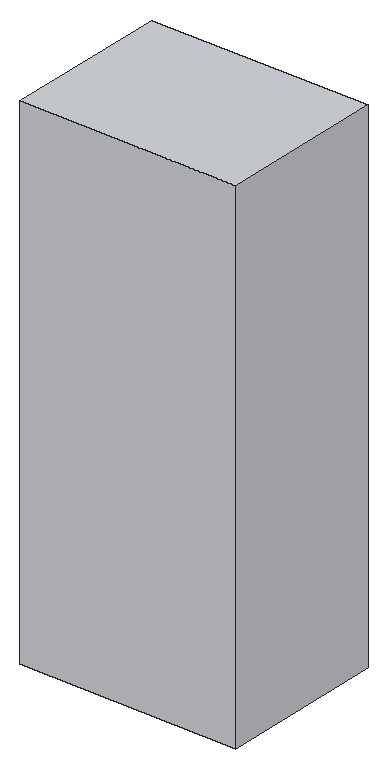
Revit family
Parameters
  Warranty Duration (Years) = 0
  Unit Width [instance] = 1' - 8 177/256"
  Unit Height [instance] = 8' - 0"
  Unit Depth = 0' - 0"
  URL = "http://www.americanspecialties.com/viewCategories.cfm"
  Trim Material = Metal - Stainless Steel w/satin
  Test Data = ""
  Specification = "http://www.arcat.com/sdspecs/htm/10810asi.htm"
  SpecWizard = ""
  Send Message = "http://www.arcat.com/users.pl?action=UserEmail&company=American%20Specialties,%20Inc.&coid=30448&rep=139&fax=914-476-0688&mf="
  Sales Information = "http://www.americanspecialties.com/contact"
  Revision = "R1_10-2010"
  Product Properties = "http://www.americanspecialties.com/datasheets/1204.pdf"
  Product Data = "http://www.arcat.com/arcatcos/cos30/arc30448.html"
  Model = "As Specified in 10 28 13"
  Manufacturer Website = "http://www.americanspecialties.com/viewCategories.cfm"
  Manufacturer Phone - Toll Free = ""
  Manufacturer Phone = "914-476-9000 "
  Manufacturer Fax = "914-476-0688"
  Manufacturer Address = "441 Saw Mill River Rd., Yonkers, NY 10701"
  Manufacturer = "American Specialties, Inc."
  Maintenance Schedule (Months) = 0
  Keynote = "10 28 13"
  Installation-Fabrication = "http://www.americanspecialties.com/products.cfm"
  Green Building-LEED = ""
  Expected Lifespan (Years) = 0
  Drawn By = "Robert S. Weygant. CSI, CDT, SCIP"  # constant formula
  Description = "Toilet Accessory as Specified in 10 28 13"
  Default Elevation = 4' - 0"
  Copyright = "©Arcat Inc."
  Construction Details = "http://www.arcat.com/green/clients/leed_data_30448.html"
  Building Codes = "http://www.americanspecialties.com/products.cfm"
  Body Material = Metal - Stainless Steel w/satin
  Assembly Code = "C1030210"
Reference planes (in)
  plane 1 "Center (Front/Back)": y = -0.29112
  plane 2 "Floor Line": z = 0
  plane 3 "Center (Left/Right)": x = -0.65843
  plane 4: z = 0.5
  plane 5: z = 96
Forms (in)
  Extrusion 1, solid
    sketch origin (-3, -9, -6) x (0, 0, -1) y (1, 0, 0)
      loop
        line (-112, 26) -> (-112, -19.34712) -> (-6, -19.34712) -> (-6, 26) -> (-112, 26)
    from 9 to -25.60721
  Extrusion 2, solid, material "Metal - Stainless Steel w/satin" <- "Body Material"
    sketch origin (0, 0, 0) x (1, 0, 0) y (0, 1, 0)
      loop
        circle (-0.65843, -0.29112) r 0.625
    from 0 to 96
  Extrusion 3, solid, material "Metal - Stainless Steel w/satin" <- "Body Material"
    sketch origin (0, 0, 0) x (1, 0, 0) y (0, 1, 0)
      loop
        circle (-0.65843, -0.29112) r 1.59375
      loop
        circle (-0.65843, 1.02138) r 0.125
      loop
        circle (-1.79509, -0.94737) r 0.125
      loop
        circle (0.47822, -0.94737) r 0.125
    from 0 to 0.5
  Extrusion 4, solid, material "Metal - Stainless Steel w/satin" <- "Body Material"
    sketch origin (0, 0, 114.5) x (1, 0, 0) y (0, 1, 0)
      loop
        circle (-0.65843, -0.29112) r 1.59375
      loop
        circle (-0.65843, 1.02138) r 0.125
      loop
        circle (-1.79509, -0.94737) r 0.125
      loop
        circle (0.47822, -0.94737) r 0.125
    from -19 to -18.5
Dimensions and locks (in)
  locked: Extrusion 4 to Extrusion 4 at 0.5
  locked: Extrusion 3 to Extrusion 3 at 0.5
  "Unit Height": plane 5 to plane 2 "Floor Line"
  aligned and locked: Extrusion 1 to level
  aligned and locked: Extrusion 2 to plane 2 "Floor Line"
  aligned and locked: Extrusion 3 to plane 2 "Floor Line"
  aligned and locked: plane 5 to Extrusion 4
Automatic sketch dimensions
  Extrusion 1 sketch curve to Extrusion 1 sketch curve = 8' - 10"
  Extrusion 1 sketch curve to Extrusion 1 sketch curve = 3' - 9.34712"
  Extrusion 2 sketch curve to plane 1 "Center (Front/Back)" = 0' - 0"
  Extrusion 2 sketch curve to plane 3 "Center (Left/Right)" = 0' - 0"
  Extrusion 3 sketch curve to plane 3 "Center (Left/Right)" = 0' - 0"  (x2)
  Extrusion 3 sketch curve to plane 1 "Center (Front/Back)" = 0' - 0"
  Extrusion 3 sketch curve to plane 3 "Center (Left/Right)" = 0' - 1.13666"
  plane 3 "Center (Left/Right)" to Extrusion 3 sketch curve = 0' - 1.13666"
  plane 1 "Center (Front/Back)" to Extrusion 3 sketch curve = 0' - 0 21/32"  (x2)
  Extrusion 3 sketch curve to plane 1 "Center (Front/Back)" = 0' - 1 5/16"
  Extrusion 4 sketch curve to plane 3 "Center (Left/Right)" = 0' - 0"  (x2)
  Extrusion 4 sketch curve to plane 1 "Center (Front/Back)" = 0' - 0"
  Extrusion 4 sketch curve to plane 3 "Center (Left/Right)" = 0' - 1.13666"
  plane 3 "Center (Left/Right)" to Extrusion 4 sketch curve = 0' - 1.13666"
  plane 1 "Center (Front/Back)" to Extrusion 4 sketch curve = 0' - 0 21/32"  (x2)
  Extrusion 4 sketch curve to Extrusion 4 sketch curve = 0' - 1 5/16"
  radius of Extrusion 2 sketch curve = 0' - 0 5/8"
  radius of Extrusion 3 sketch curve = 0' - 1 19/32"
  radius of Extrusion 3 sketch curve = 0' - 0 1/8"  (x3)
  radius of Extrusion 4 sketch curve = 0' - 1 19/32"
  radius of Extrusion 4 sketch curve = 0' - 0 1/8"  (x3)
